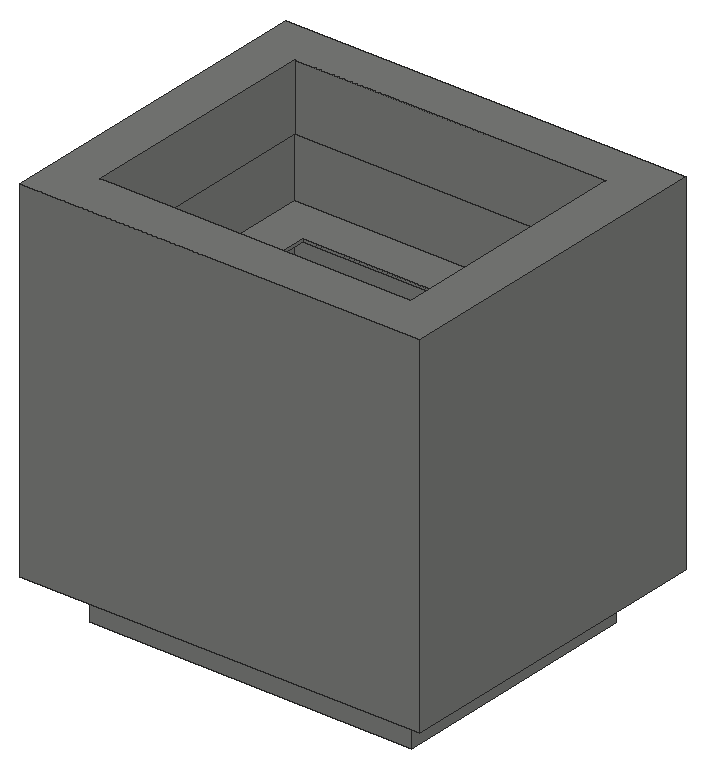
Revit family "Specialty_Equipment-Planter-Planters_Unlimited-Marek-Square-Rectangular", category Specialty Equipment, Revit 2023
Family settings
  Round Connector Dimension = Use Diameter
  Part Type = Normal
  OmniClass Number = 23.40.05.21.17
  OmniClass Title = Planters
  Work Plane-Based = No
  Enable Cutting in Views = Yes
  Always vertical = Yes
  Cut with Voids When Loaded = No
  Maintain Annotation Orientation = No
  Shared = No
  Room Calculation Point = No
Parameters (values of type "Default - Load Type Catalog")
  Stiffeners Horizontal = yes
  Square Planter = not(Rectangle Planter)  # no
  CD_Width Min = 15"
  CD_Width Max = 72"
  CD_Width = if(CD_Requested Width < CD_Width Min, CD_Width Min, if(CD_Requested Width > CD_Width Max, CD_Width Max, CD_Requested Width))  # 15"
  CD_Requested Width Bottom = CD_Width / 1.5  # 10"
  CD_Requested Width = 15"
  URL = "https://www.plantersunlimited.com"
  Type Comments = "Rectangular/Square Planter"  # constant formula
  Model = "Marek Series Planters"  # constant formula
  Material = Plastic-Fiberglass-Carlsbad-Semi_Gloss-Charcoal
  Manufacturer = "Planters Unlimited"  # constant formula
  CD_Requested Length Bottom = CD_Length / 1.5  # 12"
  CD_Requested Length = 18"
  CD_Requested Height = 18"
  Description = "Modular Planting Bed"  # constant formula
  Default Elevation = 0"
  CD_Specification = "https://www.plantersunlimited.com/content/Planters/F1-MAR-S.pdf"
  CD_Product Page URL = "https://www.plantersunlimited.com/marek-fiberglass-square-planter/"
  CD_Product Name = "Marek Planter"  # constant formula
  CD_Offset = 0"
  CD_Microsite = ""
  CD_Length Min = 18"
  CD_Length Max = 120"
  CD_Length = if(CD_Requested Length < CD_Length Min, CD_Length Min, if(CD_Requested Length > CD_Length Max, CD_Length Max, CD_Requested Length))  # 18"
  CD_Height Min = 18"
  CD_Height Max = 60"
  CD_Height = if(CD_Requested Height < CD_Height Min, CD_Height Min, if(CD_Requested Height > CD_Height Max, CD_Height Max, CD_Requested Height))  # 18"
  Assembly Code = "G2050600"
  Rectangle Planter = if(CD_Length / CD_Width = 1, 1 = 0, 1 = 1)  # yes
Reference planes (in)
  plane 1 "Center (Front/Back)": y = 0
  plane 2 "Bottom": z = 0
  plane 3 "Center (Left/Right)": x = 0
  plane 4 "Back": y = 7.5
  plane 5 "Front": y = -7.5
  plane 6 "Left": x = -9
  plane 7 "Right": x = 9
  plane 8 "Top": z = 18
  plane 9 "Top of Pad": z = 2.125
  plane 10: z = 0
  plane 11 "Back Bottom": y = 5
  plane 12 "Front Bottom": y = -5
  plane 13 "Left Bottom": x = -6
  plane 14 "Right Bottom": x = 6
  plane 15 "Width Left": x = -7.25
  plane 16 "Width Right": x = 7.25
  plane 17 "Width Back": y = 5.75
  plane 18 "Width Front": y = -5.75
  plane 19 "Width Left Bottom": x = -4.25
  plane 20 "Width Right Bottom": x = 4.25
  plane 21 "Width Front Bottom": y = -3.25
  plane 22 "Width Back Bottom": y = 3.25
  plane 23 "Opening Bottom": z = 4.125
  plane 24 "Trim Left": x = -7
  plane 25 "Trim Right": x = 7
  plane 26 "Trim Back": y = 5.5
  plane 27 "Trim Front": y = -5.5
  plane 28 "Trim Depth": z = 15
  plane 29 "Stiffener Bottom": z = 6
  plane 30 "Stiffener Top": z = 12
  plane 31 "Bottom Pad": z = 0.125
Forms (in)
  Blend 1, solid, material "Plastic-Fiberglass-Carlsbad-Semi_Gloss-Charcoal" <- "Material", detail levels fine
    base sketch origin (0, 0, 0) x (1, 0, 0) y (0, 1, 0)
      loop
        line (-9, 7.5) -> (-9, -7.5) -> (9, -7.5) -> (9, 7.5) -> (-9, 7.5)
    top sketch origin (0, 0, 0) x (1, 0, 0) y (0, 1, 0)
      loop
        line (-9, 7.5) -> (-9, -7.5) -> (9, -7.5) -> (9, 7.5) -> (-9, 7.5)
    from 2.125 to 18
  Blend 2, void
    base sketch origin (0, 0.08407, 0) x (1, 0, 0) y (0, 1, 0)
      loop
        line (-7.25, 5.66593) -> (-7.25, -5.83407) -> (7.25, -5.83407) -> (7.25, 5.66593) -> (-7.25, 5.66593)
    top sketch origin (0, 0.08407, 0) x (1, 0, 0) y (0, 1, 0)
      loop
        line (-7.25, 5.66593) -> (-7.25, -5.83407) -> (7.25, -5.83407) -> (7.25, 5.66593) -> (-7.25, 5.66593)
    from 4.125 to 18
  Sweep 3, solid, material "Plastic-Fiberglass-Carlsbad-Semi_Gloss-Charcoal" <- "Material", detail levels fine
    path origin (0, 0, 0) x (1, 0, 0) y (0, 1, 0)
      loop
        line (-7.25, 5.75) -> (-7.25, -5.75) -> (7.25, -5.75) -> (7.25, 5.75) -> (-7.25, 5.75)
    profile origin (0, 5.75, 0) x (0, 1, 0) y (0, 0, 1)
      loop
        line (0, 18) -> (-0.25, 18) -> (-0.25, 15) -> (0, 15) -> (0, 18)
  Extrusion 4, solid, material "Plastic-Fiberglass-Carlsbad-Semi_Gloss-Charcoal" <- "Material", visible <- "Square Planter", detail levels fine
    sketch origin (0, 0, 0) x (1, 0, 0) y (0, 1, 0)
      loop
        line (-6.25, 4.75) -> (-6.25, 1.75) -> (-3.25, 1.75) -> (-3.25, 4.75) -> (-6.25, 4.75)
      loop
        line (6.25, 4.75) -> (3.25, 4.75) -> (3.25, 1.75) -> (6.25, 1.75) -> (6.25, 4.75)
      loop
        line (-1.5, 4.75) -> (-1.5, 1.75) -> (1.5, 1.75) -> (1.5, 4.75) -> (-1.5, 4.75)
      loop
        line (-6.25, -4.75) -> (-3.25, -4.75) -> (-3.25, -1.75) -> (-6.25, -1.75) -> (-6.25, -4.75)
      loop
        line (6.25, -4.75) -> (6.25, -1.75) -> (3.25, -1.75) -> (3.25, -4.75) -> (6.25, -4.75)
      loop
        line (-1.5, -4.75) -> (1.5, -4.75) -> (1.5, -1.75) -> (-1.5, -1.75) -> (-1.5, -4.75)
      loop
        line (-6.25, -1.5) -> (-3.25, -1.5) -> (-3.25, 1.5) -> (-6.25, 1.5) -> (-6.25, -1.5)
      loop
        line (6.25, -1.5) -> (6.25, 1.5) -> (3.25, 1.5) -> (3.25, -1.5) -> (6.25, -1.5)
      loop
        line (-1.5, -1.5) -> (1.5, -1.5) -> (1.5, 1.5) -> (-1.5, 1.5) -> (-1.5, -1.5)
    from 0 to 0.125
  Blend 5, solid, material "Plastic-Fiberglass-Carlsbad-Semi_Gloss-Charcoal" <- "Material", detail levels coarse
    base sketch origin (0, 0, 0) x (1, 0, 0) y (0, 1, 0)
      loop
        line (-9, 7.5) -> (-9, -7.5) -> (9, -7.5) -> (9, 7.5) -> (-9, 7.5)
    top sketch origin (0, 0, 0) x (1, 0, 0) y (0, 1, 0)
      loop
        line (-9, 7.5) -> (-9, -7.5) -> (9, -7.5) -> (9, 7.5) -> (-9, 7.5)
    from 0 to 18
  Sweep 6, solid, material "Plastic-Fiberglass-Carlsbad-Semi_Gloss-Charcoal" <- "Material", detail levels coarse
    path origin (0, 0, 0) x (1, 0, 0) y (0, 1, 0)
      loop
        line (-7.25, 5.75) -> (-7.25, -5.75) -> (7.25, -5.75) -> (7.25, 5.75) -> (-7.25, 5.75)
    profile origin (0, 5.75, 0) x (0, 1, 0) y (0, 0, 1)
      loop
        line (0, 18) -> (-0.25, 18) -> (-0.25, 15) -> (0, 15) -> (0, 18)
  Blend 7, solid, material "Plastic-Fiberglass-Carlsbad-Semi_Gloss-Charcoal" <- "Material", detail levels medium
    base sketch origin (0, 0, 0) x (1, 0, 0) y (0, 1, 0)
      loop
        line (-9, 7.5) -> (-9, -7.5) -> (9, -7.5) -> (9, 7.5) -> (-9, 7.5)
    top sketch origin (0, 0, 0) x (1, 0, 0) y (0, 1, 0)
      loop
        line (-9, 7.5) -> (-9, -7.5) -> (9, -7.5) -> (9, 7.5) -> (-9, 7.5)
    from 2.125 to 18
  Sweep 8, solid, material "Plastic-Fiberglass-Carlsbad-Semi_Gloss-Charcoal" <- "Material", detail levels medium
    path origin (0, 0, 0) x (1, 0, 0) y (0, 1, 0)
      loop
        line (-7.25, 5.75) -> (-7.25, -5.75) -> (7.25, -5.75) -> (7.25, 5.75) -> (-7.25, 5.75)
    profile origin (0, 5.75, 0) x (0, 1, 0) y (0, 0, 1)
      loop
        line (0, 18) -> (-0.25, 18) -> (-0.25, 15) -> (0, 15) -> (0, 18)
  Extrusion 9, solid, material "Plastic-Fiberglass-Carlsbad-Semi_Gloss-Charcoal" <- "Material", visible <- "Stiffeners Horizontal"
    sketch origin (0, 0, 0) x (1, 0, 0) y (0, 1, 0)
      loop
        line (-7.25, 5.75) -> (-7.25, -5.75) -> (7.25, -5.75) -> (7.25, 5.75) -> (-7.25, 5.75)
      loop
        line (-5.25, 3.75) -> (-5.25, -3.75) -> (5.25, -3.75) -> (5.25, 3.75) -> (-5.25, 3.75)
    from 12 to 12.12998
  Extrusion 10, solid, material "Plastic-Fiberglass-Carlsbad-Semi_Gloss-Charcoal" <- "Material", visible <- "Stiffeners Horizontal"
    sketch origin (0, 0, 0) x (1, 0, 0) y (0, 1, 0)
      loop
        line (-7.25, 5.75) -> (-7.25, -5.75) -> (7.25, -5.75) -> (7.25, 5.75) -> (-7.25, 5.75)
      loop
        line (-5.25, 3.75) -> (-5.25, -3.75) -> (5.25, -3.75) -> (5.25, 3.75) -> (-5.25, 3.75)
    from 6 to 6.12998
  Extrusion 11, solid, material "Plastic-Fiberglass-Carlsbad-Semi_Gloss-Charcoal" <- "Material", detail levels fine
    sketch origin (0, 0, 0) x (1, 0, 0) y (0, 1, 0)
      loop
        line (-7.25, 5.75) -> (-7.25, -5.75) -> (7.25, -5.75) -> (7.25, 5.75) -> (-7.25, 5.75)
    from 0.125 to 2.125
  Extrusion 12, solid, material "Plastic-Fiberglass-Carlsbad-Semi_Gloss-Charcoal" <- "Material", detail levels medium
    sketch origin (0, 0, 0) x (1, 0, 0) y (0, 1, 0)
      loop
        line (-7, 5.5) -> (-7, -5.5) -> (7, -5.5) -> (7, 5.5) -> (-7, 5.5)
    from 0 to 2.125
  Extrusion 13, solid, material "Plastic-Fiberglass-Carlsbad-Semi_Gloss-Charcoal" <- "Material", visible <- "Rectangle Planter", detail levels fine
    sketch origin (0, 0, 0) x (1, 0, 0) y (0, 1, 0)
      loop
        line (-6.25, 4.75) -> (-6.25, 1.75) -> (-3.25, 1.75) -> (-3.25, 4.75) -> (-6.25, 4.75)
      loop
        line (6.25, 4.75) -> (3.25, 4.75) -> (3.25, 1.75) -> (6.25, 1.75) -> (6.25, 4.75)
      loop
        line (-1.5, 4.75) -> (-1.5, 1.75) -> (1.5, 1.75) -> (1.5, 4.75) -> (-1.5, 4.75)
      loop
        line (-6.25, -4.75) -> (-3.25, -4.75) -> (-3.25, -1.75) -> (-6.25, -1.75) -> (-6.25, -4.75)
      loop
        line (6.25, -4.75) -> (6.25, -1.75) -> (3.25, -1.75) -> (3.25, -4.75) -> (6.25, -4.75)
      loop
        line (-1.5, -4.75) -> (1.5, -4.75) -> (1.5, -1.75) -> (-1.5, -1.75) -> (-1.5, -4.75)
    from 0 to 0.125
Cuts and joins
  Blend 2 cuts Blend 1
  joined: Blend 1, Sweep 3
  Blend 2 cuts Blend 5
  joined: Blend 5, Sweep 6
  Blend 2 cuts Blend 7
  joined: Blend 7, Sweep 8
Lines and regions (in)
  reference lines
    curve 1: line (-7.46061, 5.65125, 0) -> (-6.93028, 6.18158, 0)
    curve 2: line (7.16236, -5.97172, 0) -> (7.69269, -5.44139, 0)
Dimensions and locks (in)
  equal spacing: plane 6 "Left", plane 3 "Center (Left/Right)", plane 7 "Right"
  "CD_Length": plane 6 "Left" to plane 7 "Right"
  equal spacing: plane 4 "Back", plane 1 "Center (Front/Back)", plane 5 "Front"
  "CD_Width": plane 5 "Front" to plane 4 "Back"
  equal spacing: plane 13 "Left Bottom", plane 3 "Center (Left/Right)", plane 14 "Right Bottom"
  equal spacing: plane 11 "Back Bottom", plane 1 "Center (Front/Back)", plane 12 "Front Bottom"
  "CD_Requested Length Bottom": plane 13 "Left Bottom" to plane 14 "Right Bottom"
  "CD_Requested Width Bottom": plane 11 "Back Bottom" to plane 12 "Front Bottom"
  locked: plane 4 "Back" to plane 17 "Width Back" at 1.75
  locked: plane 5 "Front" to plane 18 "Width Front" at 1.75
  locked: plane 6 "Left" to plane 15 "Width Left" at 1.75
  locked: plane 16 "Width Right" to plane 7 "Right" at 1.75
  locked: plane 11 "Back Bottom" to plane 22 "Width Back Bottom" at 1.75
  locked: plane 12 "Front Bottom" to plane 21 "Width Front Bottom" at 1.75
  locked: plane 13 "Left Bottom" to plane 19 "Width Left Bottom" at 1.75
  locked: plane 20 "Width Right Bottom" to plane 14 "Right Bottom" at 1.75
  locked: plane 23 "Opening Bottom" to plane 9 "Top of Pad" at 2
  locked: plane 6 "Left" to plane 24 "Trim Left" at 2
  locked: plane 25 "Trim Right" to plane 7 "Right" at 2
  locked: plane 4 "Back" to plane 26 "Trim Back" at 2
  locked: plane 5 "Front" to plane 27 "Trim Front" at 2
  locked: plane 8 "Top" to plane 28 "Trim Depth" at 3
  locked: Extrusion 4 sketch curve to Extrusion 4 sketch curve at 3  (x18)
  locked: Sweep 6 sketch curve to Sweep 6 sketch curve at 0.25
  locked: Sweep 6 sketch curve to Sweep 6 sketch curve at 3
  locked: Sweep 3 sketch curve to Sweep 3 sketch curve at 3
  locked: Sweep 8 sketch curve to Sweep 8 sketch curve at 0.25
  locked: Extrusion 9 to Extrusion 9 at 0.12998
  locked: Extrusion 9 sketch curve to Extrusion 9 sketch curve at 2  (x4)
  locked: Extrusion 10 sketch curve to Extrusion 10 sketch curve at 2  (x4)
  locked: Extrusion 10 to plane 29 "Stiffener Bottom" at 0.12998
  locked: plane 9 "Top of Pad" to plane 31 "Bottom Pad" at 2
  locked: plane 31 "Bottom Pad" to plane 2 "Bottom" at 0.125
  "CD_Offset": plane 2 "Bottom" to level
  "CD_Height": plane 8 "Top" to plane 2 "Bottom"
  equal spacing: plane 8 "Top", plane 30 "Stiffener Top", plane 29 "Stiffener Bottom", plane 2 "Bottom"
  equal spacing: Extrusion 4 sketch curve, plane 3 "Center (Left/Right)", Extrusion 4 sketch curve  (x3)
  locked: plane 15 "Width Left" to Extrusion 4 sketch curve at 1
  locked: Extrusion 4 sketch curve to plane 16 "Width Right" at 1
  locked: Extrusion 4 sketch curve to plane 17 "Width Back" at 1
  locked: plane 18 "Width Front" to Extrusion 4 sketch curve at 1
  Extrusion 4 sketch curve to Extrusion 4 sketch curve = 3"
  equal spacing: Extrusion 4 sketch curve, plane 1 "Center (Front/Back)", Extrusion 4 sketch curve  (x3)
  locked: Extrusion 13 sketch curve to Extrusion 13 sketch curve at 3  (x12)
  locked: plane 15 "Width Left" to Extrusion 4 at 1  (x2)
  locked: Extrusion 4 to plane 16 "Width Right" at 1
  locked: plane 18 "Width Front" to Extrusion 4 at 1
  equal spacing: Extrusion 4, plane 3 "Center (Left/Right)", Extrusion 4
  locked: plane 17 "Width Back" to Extrusion 4 at 1
  aligned and locked: Blend 1 sketch curve to plane 4 "Back"  (x2)
  aligned and locked: plane 6 "Left" to Blend 1 sketch curve  (x2)
  aligned and locked: Blend 1 sketch curve to plane 5 "Front"  (x2)
  aligned and locked: plane 7 "Right" to Blend 1 sketch curve  (x2)
  aligned and locked: plane 8 "Top" to Blend 1
  aligned and locked: Blend 1 to plane 9 "Top of Pad"
  aligned and locked: Blend 2 sketch curve to plane 17 "Width Back"  (x2)
  aligned and locked: plane 15 "Width Left" to Blend 2 sketch curve  (x2)
  aligned and locked: Blend 2 sketch curve to plane 18 "Width Front"  (x2)
  aligned and locked: plane 16 "Width Right" to Blend 2 sketch curve  (x2)
  aligned and locked: Blend 2 to plane 23 "Opening Bottom"
  aligned and locked: plane 8 "Top" to Blend 2
  aligned and locked: plane 8 "Top" to Sweep 3
  aligned and locked: Sweep 3 to plane 28 "Trim Depth"
  aligned and locked: plane 8 "Top" to cut or joined group of Blend 1, Blend 2, Sweep 3
  aligned and locked: cut or joined group of Blend 1, Blend 2, Sweep 3 to plane 28 "Trim Depth"
  aligned and locked: cut or joined group of Blend 1, Blend 2, Sweep 3 to plane 26 "Trim Back"
  aligned and locked: cut or joined group of Blend 1, Blend 2, Sweep 3 to plane 27 "Trim Front"
  aligned and locked: plane 8 "Top" to Blend 5
  aligned and locked: plane 6 "Left" to Blend 5 sketch curve  (x2)
  aligned and locked: Blend 5 sketch curve to plane 4 "Back"  (x2)
  aligned and locked: plane 7 "Right" to Blend 5 sketch curve  (x2)
  aligned and locked: Blend 5 sketch curve to plane 5 "Front"  (x2)
  aligned and locked: plane 15 "Width Left" to Sweep 6 sketch curve
  aligned and locked: Sweep 6 sketch curve to plane 17 "Width Back"
  aligned and locked: plane 16 "Width Right" to Sweep 6 sketch curve
  aligned and locked: Sweep 6 sketch curve to plane 18 "Width Front"
  aligned and locked: plane 17 "Width Back" to Sweep 6 sketch curve
  aligned and locked: cut or joined group of Blend 2, Blend 5, Sweep 6 to plane 28 "Trim Depth"
  aligned and locked: plane 8 "Top" to cut or joined group of Blend 2, Blend 5, Sweep 6  (x2)
  aligned and locked: Blend 1 to Blend 2
  aligned and locked: plane 8 "Top" to Sweep 8  (x3)
  aligned and locked: Sweep 8 to plane 28 "Trim Depth"  (x2)
  aligned and locked: plane 15 "Width Left" to Sweep 3 sketch curve
  aligned and locked: Sweep 3 sketch curve to plane 17 "Width Back"
  aligned and locked: plane 16 "Width Right" to Sweep 3 sketch curve
  aligned and locked: Sweep 3 sketch curve to plane 18 "Width Front"
  aligned and locked: plane 17 "Width Back" to Sweep 3 sketch curve
  aligned and locked: plane 8 "Top" to Blend 7
  aligned and locked: plane 6 "Left" to Blend 7 sketch curve  (x2)
  aligned and locked: Blend 7 sketch curve to plane 4 "Back"  (x2)
  aligned and locked: plane 7 "Right" to Blend 7 sketch curve  (x2)
  aligned and locked: Blend 7 sketch curve to plane 5 "Front"  (x2)
  aligned and locked: Extrusion 9 to plane 30 "Stiffener Top"
  aligned and locked: plane 16 "Width Right" to Extrusion 9 sketch curve
  aligned and locked: Extrusion 9 sketch curve to plane 17 "Width Back"
  aligned and locked: Extrusion 10 to plane 29 "Stiffener Bottom"
  aligned and locked: Extrusion 11 to Extrusion 4
  aligned and locked: plane 31 "Bottom Pad" to Extrusion 4
  aligned and locked: plane 9 "Top of Pad" to Extrusion 11
  aligned and locked: cut or joined group of Blend 2, Blend 5, Sweep 6 to plane 2 "Bottom"
  aligned and locked: Extrusion 4 to plane 2 "Bottom"
  aligned and locked: Blend 7 to plane 9 "Top of Pad"
  aligned and locked: Extrusion 12 to plane 2 "Bottom"
  aligned and locked: plane 9 "Top of Pad" to Extrusion 12
  aligned and locked: plane 24 "Trim Left" to Extrusion 12 sketch curve
  aligned and locked: Extrusion 12 sketch curve to plane 26 "Trim Back"
  aligned and locked: plane 25 "Trim Right" to Extrusion 12 sketch curve
  aligned and locked: Extrusion 12 sketch curve to plane 27 "Trim Front"
  aligned and locked: Extrusion 4 sketch curve to Extrusion 4 sketch curve  (x8)
  aligned and locked: plane 15 "Width Left" to Extrusion 11 sketch curve
  aligned and locked: Extrusion 11 sketch curve to plane 17 "Width Back"
  aligned and locked: plane 16 "Width Right" to Extrusion 11 sketch curve
  aligned and locked: Extrusion 11 sketch curve to plane 18 "Width Front"
  aligned and locked: Extrusion 13 sketch curve to Extrusion 13 sketch curve  (x6)
  aligned and locked: Extrusion 13 to plane 2 "Bottom"
  aligned and locked: Extrusion 13 to Extrusion 4
  aligned and locked: Extrusion 4 to Extrusion 13 sketch curve  (x2)
  aligned and locked: Extrusion 13 sketch curve to Extrusion 4  (x2)
Automatic sketch dimensions
  profile plane to Sweep 3 sketch curve = 1/4"
  level to Sweep 3 sketch curve = 15"
  curve 1 to plane 17 "Width Back" = 0.09875"
  curve 1 to plane 15 "Width Left" = 0.21061"
  plane 24 "Trim Left" to curve 1 = 0.06972"
  plane 16 "Width Right" to curve 2 = 0.08764"
  curve 2 to plane 27 "Trim Front" = 15/256"
  curve 2 to plane 16 "Width Right" = 0.44269"
  plane 18 "Width Front" to curve 2 = 0.22172"
  plane 17 "Width Back" to curve 1 = 0.43158"
  level to Sweep 6 sketch curve = 15"
  Sweep 8 sketch curve to plane 15 "Width Left" = 0"
  Sweep 8 sketch curve to plane 16 "Width Right" = 0"
  plane 18 "Width Front" to Sweep 8 sketch curve = 0"
  Sweep 8 sketch curve to plane 17 "Width Back" = 0"
  Sweep 8 sketch curve to profile plane = 0"
  level to Sweep 8 sketch curve = 15"
  Sweep 8 sketch curve to Sweep 8 sketch curve = 3"
  Extrusion 9 sketch curve to plane 15 "Width Left" = 0"
  plane 18 "Width Front" to Extrusion 9 sketch curve = 0"
  Extrusion 10 sketch curve to plane 15 "Width Left" = 0"
  Extrusion 10 sketch curve to plane 16 "Width Right" = 0"
  plane 18 "Width Front" to Extrusion 10 sketch curve = 0"
  Extrusion 10 sketch curve to plane 17 "Width Back" = 0"
  Extrusion 13 sketch curve to plane 3 "Center (Left/Right)" = 1 1/2"  (x2)
